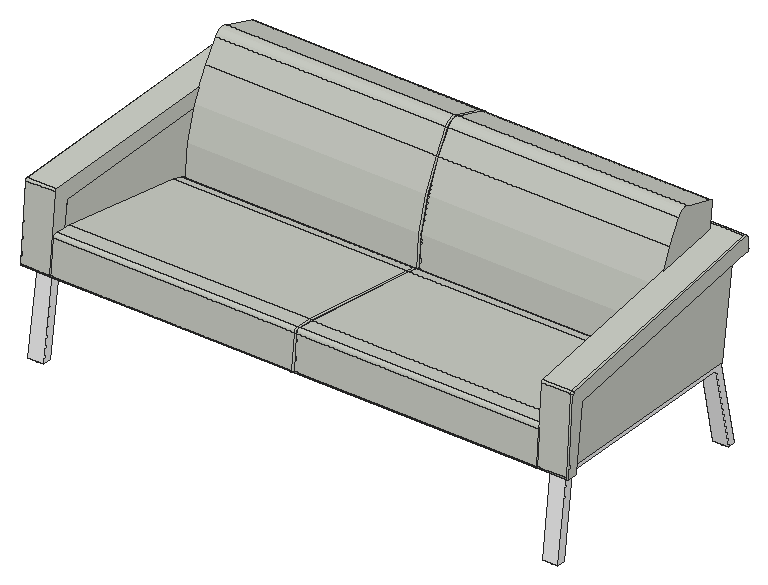
Revit family
Parameters (values of type "Upholstered Back")
  Width = 6' - 0"  # constant formula
  URL = "http://elanbydecca.com/"
  Upholstery [instance] = Furniture - DECCA (Elan) - Arno - Upholstery
  Base [instance] = Furniture - DECCA (Elan) - Arno - Base
  Product URL = "http://elanbydecca.com/PDFs/elan_tearsheet-ava.pdf"
  Model = "JS LL410U"
  Manufacturer = "Decca Contract"
  Height = 2' - 5 1/4"  # constant formula
  Description = "Arno Sofa, 2Seat"
  Depth = 2' - 8 1/4"  # constant formula
  Assembly Description = "Furniture & Accessories"
  Assembly Code = "E2020200"
  Back = Furniture - DECCA (Elan) - Arno - Upholstery
Types (3): name | Product URL | Model | Back
  (no name) | "http://elanbydecca.com/PDFs/elan_tearsheet-ava.pdf" | "JS LL410U" | Furniture - DECCA (Elan) - Arno - Upholstery
  Upholstered Back | "http://elanbydecca.com/PDFs/elan_tearsheet-ava.pdf" | "JS LL410U" | Furniture - DECCA (Elan) - Arno - Upholstery
  Wood Back | "http://elanbydecca.com/PDFs/elan_tearsheet-arno.pdf" | "JS LL410V" | Furniture - DECCA (Elan) - Arno - Wood
Reference planes
  plane 1 "Center Front/Back": y = -19.111
  plane 2: z = 0
  plane 3 "Center Left/Right": x = 0
  plane 4 "L": x = -914.4
  plane 5 "R": x = 914.4
  plane 6 "F": y = -428.686
  plane 7: y = 390.464
  plane 8: through (-158.836, 59.242, 594.094) normal (0.4297, -0.4297, 0.7941)
  plane 9 "ST": z = 742.95
  plane 10: z = 6.35
  plane 11: z = 520.7
  plane 12: z = 425.45
  plane 13: z = 269.261
  plane 14: x = -762
  plane 15: x = 762
  plane 16: x = -946.15
  plane 17: x = 946.15
  plane 18: y = 262.606
  plane 19: y = 320.495
  plane 20: y = 311.17
  plane 21: y = 361.528
  plane 22: z = 574.676
  plane 23: y = 312.697
Forms (mm)
  Extrusion 1, solid, material "Furniture - DECCA (Elan) - Arno - Base" <- "Base"
    sketch origin (0, 0, 0) x (0, 1, 0) y (0, 0, 1)
      loop
        line (306.179, 269.261) -> (-391.527, 269.261) -> (-428.477, 6.35) -> (-403.278, 6.35) -> (-367.731, 259.279) -> (282.859, 259.279) -> (340.433, 6.35) -> (366.025, 6.35) -> (306.179, 269.261)
    from -914.4 to -762
  Extrusion 2, solid, material "Furniture - DECCA (Elan) - Arno - Base" <- "Base"
    sketch origin (0, 0, 0) x (0, 1, 0) y (0, 0, 1)
      loop
        line (306.179, 269.261) -> (-391.527, 269.261) -> (-428.477, 6.35) -> (-403.278, 6.35) -> (-367.731, 259.279) -> (282.859, 259.279) -> (340.433, 6.35) -> (366.025, 6.35) -> (306.179, 269.261)
    from 762 to 914.4
  Extrusion 3, void
    sketch origin (0, 0, 260.35) x (-1, 0, 0) y (0, -1, 0)
      loop
        line (884.672, 428.686) -> (834.286, -390.464) -> (914.4, -390.464) -> (914.4, 428.686) -> (884.672, 428.686)
      loop
        line (833.776, 428.686) -> (762, 428.686) -> (762, -390.464) -> (783.39, -390.464) -> (833.776, 428.686)
      loop
        line (-833.776, 428.686) -> (-783.39, -390.464) -> (-762, -390.464) -> (-762, 428.686) -> (-833.776, 428.686)
      loop
        line (-884.672, 428.686) -> (-914.4, 428.686) -> (-914.4, -390.464) -> (-834.286, -390.464) -> (-884.672, 428.686)
    from -260.35 to 8.911
  Extrusion 4, solid, material "Furniture - DECCA (Elan) - Arno - Upholstery" <- "Upholstery"
    sketch origin (0, 0, 0) x (0, 1, 0) y (0, 0, 1)
      loop
        arc (385.959, 624.671) -> (383.552, 628.984) -> (378.782, 630.267) r 6.35
        line (378.782, 630.267) -> (-400.323, 523.2)
        arc (-400.323, 523.2) -> (-404.058, 521.287) -> (-405.785, 517.462) r 6.35
        line (-405.785, 517.462) -> (-426.895, 276.164)
        arc (-426.895, 276.164) -> (-425.251, 271.321) -> (-420.569, 269.261) r 6.35
        line (-420.569, 269.261) -> (-395.227, 269.261)
        arc (-395.227, 269.261) -> (-391.028, 270.847) -> (-388.927, 274.814) r 6.35
        line (-388.927, 274.814) -> (-363.959, 472.156)
        arc (-363.959, 472.156) -> (-362.173, 475.825) -> (-358.523, 477.65) r 6.35
        line (-358.523, 477.65) -> (384.686, 579.728)
        arc (384.686, 579.728) -> (388.829, 582.114) -> (390.133, 586.713) r 6.35
        line (390.133, 586.713) -> (385.959, 624.671)
    from -946.15 to 946.15
  Blend 5, void
    base sketch origin (0, 0, 260.35) x (-1, 0, 0) y (0, -1, 0)
      loop
        line (812.386, 428.686) -> (-812.386, 428.686) -> (-769.865, -262.606) -> (769.865, -262.606) -> (812.386, 428.686)
    top sketch origin (0, 0, 260.35) x (-1, 0, 0) y (0, -1, 0)
      loop
        line (812.386, 428.686) -> (-812.386, 428.686) -> (-766.304, -320.495) -> (766.304, -320.495) -> (812.386, 428.686)
    from -1.071 to 364.621
  Extrusion 6, solid, material "Furniture - DECCA (Elan) - Arno - Upholstery" <- "Upholstery"
    sketch origin (0, 0, 0) x (0, 1, 0) y (0, 0, 1)
      loop
        arc (364.601, 698.627) -> (362.788, 707.421) -> (355.611, 712.818) r 12.7
        line (355.611, 712.818) -> (257.474, 741.403)
        arc (257.474, 741.403) -> (232.508, 740.133) -> (213.703, 723.664) r 38.1
        line (213.703, 723.664) -> (174.511, 654.778)
        arc (174.511, 654.778) -> (113.176, 504.689) -> (92.267, 343.905) r 628.65
        line (92.267, 343.905) -> (92.267, 269.261) -> (262.646, 269.261) -> (319.737, 617.632)
        arc (319.737, 617.632) -> (321.572, 621.152) -> (325.139, 622.895) r 6.35
        line (325.139, 622.895) -> (348.488, 626.104)
        arc (348.488, 626.104) -> (352.065, 627.857) -> (353.894, 631.396) r 6.35
        line (353.894, 631.396) -> (364.601, 698.627)
    from -946.15 to 946.15
  Extrusion 7, void
    sketch origin (0, 0, 260.35) x (-1, 0, 0) y (0, -1, 0)
      loop
        line (812.386, 428.686) -> (762, -390.464) -> (946.15, -390.464) -> (946.15, 428.686) -> (812.386, 428.686)
      loop
        line (-812.386, 428.686) -> (-946.15, 428.686) -> (-946.15, -390.464) -> (-762, -390.464) -> (-812.386, 428.686)
    from 8.911 to 482.6
  Extrusion 8, solid, material "Furniture - DECCA (Elan) - Arno - Upholstery" <- "Upholstery"
    sketch origin (0, 0, 0) x (0, 1, 0) y (0, 0, 1)
      loop
        line (-417.338, 385.4) -> (-426.895, 276.164)
        arc (-426.895, 276.164) -> (-425.251, 271.321) -> (-420.569, 269.261) r 6.35
        line (-420.569, 269.261) -> (92.267, 269.261) -> (92.267, 347.698)
        arc (92.267, 347.698) -> (89.224, 355.946) -> (81.553, 360.241) r 12.7
        line (81.553, 360.241) -> (49.912, 365.253)
        arc (49.912, 365.253) -> (-151.117, 389.046) -> (-353.392, 396.994) r 2578.1
        line (-353.392, 396.994) -> (-404.686, 396.994)
        arc (-404.686, 396.994) -> (-413.266, 393.657) -> (-417.338, 385.4) r 12.7
    from -914.4 to 914.4
  Blend 9, solid, material "Furniture - DECCA (Elan) - Arno - Upholstery" <- "Back"
    base sketch origin (0, 0, 260.35) x (-1, 0, 0) y (0, -1, 0)
      loop
        line (884.672, 428.686) -> (871.948, 428.686) -> (827.22, -298.47) -> (-827.22, -298.47) -> (-871.948, 428.686) -> (-884.672, 428.686) -> (-839.163, -311.17) -> (839.163, -311.17) -> (884.672, 428.686)
    top sketch origin (0, 0, 260.35) x (-1, 0, 0) y (0, -1, 0)
      loop
        line (836.066, -361.528) -> (884.672, 428.686) -> (871.948, 428.686) -> (824.123, -348.828) -> (-824.123, -348.828) -> (-871.948, 428.686) -> (-884.672, 428.686) -> (-836.066, -361.528) -> (836.066, -361.528)
    from 8.911 to 320.061
  Extrusion 10, void
    sketch origin (0, 0, 0) x (0, 1, 0) y (0, 0, 1)
      loop
        line (390.464, 580.522) -> (390.464, 742.95) -> (-428.686, 742.95) -> (-428.686, 269.261) -> (-389.63, 269.261) -> (-363.959, 472.156)
        arc (-363.959, 472.156) -> (-362.173, 475.825) -> (-358.523, 477.649) r 6.35
        line (-358.523, 477.649) -> (390.464, 580.522)
    from -946.15 to 946.15
  Blend 11, solid, material "Furniture - DECCA (Elan) - Arno - Upholstery" <- "Upholstery"
    base sketch origin (0, 0, 260.35) x (-1, 0, 0) y (0, -1, 0)
      loop
        line (871.948, 428.686) -> (-871.948, 428.686) -> (-827.22, -298.47) -> (827.22, -298.47) -> (871.948, 428.686)
    top sketch origin (0, 0, 260.35) x (-1, 0, 0) y (0, -1, 0)
      loop
        line (871.948, 428.686) -> (-871.948, 428.686) -> (-824.18, -347.9) -> (824.18, -347.9) -> (871.948, 428.686)
    from 8.911 to 314.326
  Extrusion 12, void
    sketch origin (0, 0, 260.35) x (-1, 0, 0) y (0, -1, 0)
      loop
        line (946.15, -390.464) -> (946.15, 428.686) -> (914.413, 428.686) -> (864.027, -390.464) -> (946.15, -390.464)
      loop
        line (-914.413, 428.686) -> (-946.15, 428.686) -> (-946.15, -390.464) -> (-864.027, -390.464) -> (-914.413, 428.686)
    from -284.651 to 482.6
  Sweep 13, void
    path origin (0, 0, 0) x (0, 1, 0) y (0, 0, 1)
      loop
        arc (92.267, 347.698) -> (89.224, 355.946) -> (81.553, 360.241) r 12.7
        line (81.553, 360.241) -> (49.912, 365.253)
        arc (49.912, 365.253) -> (-151.117, 389.046) -> (-353.392, 396.994) r 2578.1
        line (-353.392, 396.994) -> (-404.686, 396.994)
        arc (-404.686, 396.994) -> (-413.266, 393.657) -> (-417.338, 385.4) r 12.7
        line (-417.338, 385.4) -> (-426.895, 276.164)
        arc (-426.895, 276.164) -> (-425.251, 271.321) -> (-420.569, 269.261) r 6.35
    profile origin (0, -151.117, 389.046) x (0, -0.078459, -0.996917) y (1, 0, 0)
      loop
        arc (0, 4.762) -> (-4.762, 0) -> (0, -4.762) r 4.762
        arc (0, -4.762) -> (1.395, -1.395) -> (4.762, 0) r 4.762
        arc (4.762, 0) -> (1.395, 1.395) -> (0, 4.762) r 4.762
  Sweep 14, void
    path origin (0, 0, 0) x (0, 1, 0) y (0, 0, 1)
      loop
        line (403.793, 698.783) -> (257.474, 741.403)
        arc (257.474, 741.403) -> (232.508, 740.133) -> (213.703, 723.664) r 38.1
        line (213.703, 723.664) -> (174.511, 654.778)
        arc (174.511, 654.778) -> (113.176, 504.689) -> (92.267, 343.905) r 628.65
    profile origin (0, 330.633, 720.093) x (0, -0.279653, -0.960101) y (1, 0, 0)
      loop
        arc (0, 4.763) -> (-4.763, 0) -> (0, -4.763) r 4.763
        arc (0, -4.763) -> (1.395, -1.395) -> (4.763, 0) r 4.763
        arc (4.763, 0) -> (1.395, 1.395) -> (0, 4.763) r 4.762
  Sweep 15, void
    path origin (-914.4, -428.477, 260.35) x (0.061394, 0.998114, 0) y (0, 0, -1)
      loop
        line (934.116, -387.108) -> (28.198, -262.848)
        arc (28.198, -262.848) -> (24.462, -260.936) -> (22.735, -257.112) r 6.35
        line (22.735, -257.112) -> (-3.879, 46.524)
    profile origin (-884.86, 51.772, 585.328) x (-0.008343, -0.135636, 0.990724) y (-0.998114, 0.061394, 0)
      loop
        arc (0, -4.762) -> (3.368, 3.368) -> (-4.763, 0) r 4.763
        arc (-4.763, 0) -> (-1.395, -1.395) -> (0, -4.762) r 4.762
  Sweep 16, void
    path origin (914.4, -428.477, 260.35) x (-0.061394, 0.998114, 0) y (0, 0, 1)
      loop
        line (-3.879, -46.524) -> (22.735, 257.112)
        arc (22.735, 257.112) -> (24.462, 260.936) -> (28.198, 262.848) r 6.35
        line (28.198, 262.848) -> (934.116, 387.108)
    profile origin (884.86, 51.772, 585.328) x (0.008343, -0.135636, 0.990724) y (0.998114, 0.061394, 0)
      loop
        arc (0, -4.762) -> (3.368, 3.368) -> (-4.762, 0) r 4.762
        arc (-4.762, 0) -> (-1.395, -1.395) -> (0, -4.762) r 4.763
  Extrusion 17, solid, material "Furniture - DECCA (Elan) - Arno - Base" <- "Base"
    sketch origin (0, 0, 260.35) x (-1, 0, 0) y (0, -1, 0)
      loop
        circle (858.436, 415.877) r 6.35
      loop
        circle (-858.436, 415.877) r 6.35
      loop
        circle (811.128, -353.229) r 6.35
      loop
        circle (-811.128, -353.229) r 6.35
    from -260.35 to -254
Cuts and joins
  Extrusion 3, Blend 5, Extrusion 7, Extrusion 12, Sweep 15 cuts Extrusion 1
  Extrusion 3, Blend 5, Extrusion 7, Extrusion 10, Extrusion 12, Sweep 16 cuts Extrusion 2
  joined: Extrusion 1, Extrusion 2, Extrusion 17
  Blend 5, Extrusion 12, Sweep 13, Sweep 14, Sweep 15, Sweep 16 cuts Extrusion 4
  Extrusion 7, Extrusion 12, Sweep 14 cuts Extrusion 6
  Extrusion 10, Extrusion 12, Sweep 13, Sweep 14, Sweep 15, Sweep 16 cuts Blend 9
  Extrusion 7, Extrusion 12, Sweep 13, Sweep 15, Sweep 16 cuts Extrusion 8
  Blend 5, Extrusion 10, Extrusion 12, Sweep 13, Sweep 15, Sweep 16 cuts Blend 11
  joined: Extrusion 8, Blend 11
Lines and regions (mm)
  reference lines
    curve 1: line (-884.659, -428.477, 260.35) -> (-835.789, 366.025, 260.35)
    curve 2: line (835.789, 366.025, 260.35) -> (884.659, -428.477, 260.35)
    curve 3: line (833.763, -428.477, 260.35) -> (784.893, 366.025, 260.35)
    curve 4: line (-784.893, 366.025, 260.35) -> (-833.763, -428.477, 260.35)
    curve 5: line (-914.4, -428.477, 260.35) -> (-864.027, 390.464, 260.35)
    curve 6: line (-812.373, -428.477, 260.35) -> (-762, 390.464, 260.35)
    curve 7: line (914.4, -428.477, 260.35) -> (864.027, 390.464, 260.35)
    curve 8: line (812.373, -428.477, 260.35) -> (762, 390.464, 260.35)
  model lines
    curve 9: line (0, 311.17, 269.261) -> (0, 360.996, 577.123)
    curve 10: line (0, 390.133, 586.713) -> (0, 385.959, 624.671)
    curve 11: arc (0, 385.959, 624.671) -> (0, 383.552, 628.984) -> (0, 378.782, 630.267) r 6.35
    curve 12: arc (0, 384.686, 579.728) -> (0, 388.829, 582.114) -> (0, 390.133, 586.713) r 6.35
    curve 13: line (0, 384.686, 579.728) -> (0, 360.996, 577.123)
    curve 14: line (0, 378.782, 630.267) -> (0, 348.488, 626.104)
    curve 15: arc (0, 364.601, 698.627) -> (0, 362.788, 707.421) -> (0, 355.611, 712.818) r 12.7
    curve 16: line (0, 353.894, 631.396) -> (0, 364.601, 698.627)
Dimensions and locks
  equal spacing: plane 4 "L", plane 3 "Center Left/Right", plane 5 "R"
  equal spacing: plane 7, plane 1 "Center Front/Back", plane 6 "F"
  "Width": plane 4 "L" to plane 5 "R"
  "Depth": plane 7 to plane 6 "F"
  "Height": plane 9 "ST" to level
  locked: plane 10 to level at 6.35
  plane 11 to level = 1' - 8 1/2"
  plane 12 to level = 1' - 4 3/4"
  locked: plane 13 to level at 269.261
  locked: plane 15 to plane 5 "R" at 152.4
  locked: plane 4 "L" to plane 14 at 152.4
  locked: plane 6 "F" to plane 5 "R" at 0
  locked: plane 6 "F" to plane 4 "L" at 0
  locked: plane 16 to plane 4 "L" at 31.75
  plane 5 "R" to plane 17 = 0' - 1 1/4"
  locked: Extrusion 6 to plane 17 at 0
  locked: Extrusion 8 to plane 5 "R" at 0
  locked: plane 4 "L" to curve 1 at 29.741
  locked: curve 2 to plane 5 "R" at 29.741
  locked: curve 4 to curve 1 at 50.8
  locked: curve 3 to curve 2 at 50.8
  locked: curve 2 to plane 5 "R" at 78.611
  locked: plane 4 "L" to curve 1 at 78.611
  locked: curve 5 to plane 4 "L" at 0
  locked: plane 4 "L" to curve 5 at 50.373
  locked: curve 6 to plane 14 at 0
  locked: plane 4 "L" to curve 6 at 102.027
  locked: curve 7 to plane 17 at 82.123
  locked: curve 7 to plane 5 "R" at 0
  locked: curve 8 to plane 15 at 0
  locked: curve 8 to plane 5 "R" at 102.027
  aligned and locked: Extrusion 1 to plane 4 "L"
  aligned and locked: plane 14 to Extrusion 1
  aligned and locked: Extrusion 2 to plane 5 "R"
  aligned and locked: plane 15 to Extrusion 2
  aligned and locked: Extrusion 3 sketch curve to plane 7
  aligned and locked: Extrusion 3 sketch curve to plane 6 "F"  (x2)
  aligned and locked: Extrusion 3 sketch curve to plane 4 "L"
  aligned and locked: plane 5 "R" to Extrusion 3 sketch curve
  aligned and locked: Extrusion 3 to level
  aligned and locked: plane 13 to Extrusion 3
  aligned: Extrusion 4 to plane 4 "L"
  aligned: Extrusion 4 to plane 5 "R"
  aligned and locked: Extrusion 4 to plane 17
  aligned and locked: Extrusion 4 to plane 16
  aligned and locked: Blend 5 sketch curve to plane 6 "F"  (x2)
  aligned and locked: Blend 5 sketch curve to plane 18
  aligned and locked: Blend 5 sketch curve to plane 19
  aligned and locked: plane 13 to Extrusion 6 sketch curve
  aligned and locked: Extrusion 6 to plane 16
  aligned and locked: Extrusion 7 sketch curve to plane 16
  aligned and locked: Extrusion 7 sketch curve to plane 7  (x2)
  aligned and locked: plane 17 to Extrusion 7 sketch curve
  aligned and locked: plane 9 "ST" to Extrusion 7
  aligned and locked: Extrusion 7 sketch curve to plane 6 "F"  (x2)
  aligned and locked: plane 13 to Extrusion 8 sketch curve
  aligned and locked: plane 13 to Extrusion 4 sketch curve
  aligned and locked: Extrusion 8 to plane 4 "L"
  aligned and locked: Blend 9 sketch curve to plane 20
  aligned and locked: Blend 9 sketch curve to plane 6 "F"  (x2)
  aligned and locked: Blend 9 sketch curve to plane 21
  aligned and locked: plane 7 to Extrusion 10 sketch curve
  aligned and locked: plane 13 to Extrusion 10 sketch curve
  aligned and locked: plane 6 "F" to Extrusion 10 sketch curve
  aligned and locked: plane 9 "ST" to Extrusion 10 sketch curve
  aligned and locked: Blend 11 sketch curve to plane 6 "F"  (x2)
  aligned and locked: Blend 11 sketch curve to cut or joined group of Blend 9, Extrusion 10, Extrusion 12, Sweep 13, Sweep 14, Sweep 15, Sweep 16  (x4)
  aligned and locked: cut or joined group of Blend 9, Extrusion 10, Extrusion 12, Sweep 13, Sweep 14, Sweep 15, Sweep 16 to Blend 11 sketch curve  (x2)
  aligned and locked: curve 1 to cut or joined group 1 (Extrusion 1, Extrusion 2, Extrusion 3, Blend 5, Extrusion 7, Extrusion 10, Extrusion 12, Sweep 15, Sweep 16, Extrusion 17)
  aligned and locked: curve 4 to cut or joined group 1
  aligned and locked: Extrusion 12 sketch curve to plane 16
  aligned and locked: Extrusion 12 sketch curve to plane 7  (x2)
  aligned and locked: Extrusion 12 sketch curve to plane 6 "F"  (x2)
  aligned and locked: Extrusion 12 sketch curve to curve 5
  aligned and locked: Extrusion 12 sketch curve to curve 7
  aligned and locked: plane 17 to Extrusion 12 sketch curve
  aligned and locked: plane 9 "ST" to Extrusion 12
  aligned and locked: Blend 5 sketch curve to curve 6
  aligned and locked: Blend 5 sketch curve to curve 8
  aligned and locked: Blend 5 sketch curve to var sketch  (x2)
  aligned and locked: Extrusion 7 sketch curve to curve 6
  aligned and locked: Extrusion 7 sketch curve to curve 8
  aligned and locked: curve 9 to cut or joined group of Blend 9, Extrusion 10, Extrusion 12, Sweep 13, Sweep 14, Sweep 15, Sweep 16
  aligned and locked: curve 10 to cut or joined group of Extrusion 4, Blend 5, Extrusion 12, Sweep 13, Sweep 14, Sweep 15, Sweep 16
  aligned and locked: curve 11 to cut or joined group of Extrusion 4, Blend 5, Extrusion 12, Sweep 13, Sweep 14, Sweep 15, Sweep 16
  aligned and locked: curve 12 to cut or joined group of Extrusion 4, Blend 5, Extrusion 12, Sweep 13, Sweep 14, Sweep 15, Sweep 16
  aligned and locked: curve 15 to cut or joined group of Extrusion 6, Extrusion 7, Extrusion 12, Sweep 14
  aligned and locked: curve 16 to cut or joined group of Extrusion 6, Extrusion 7, Extrusion 12, Sweep 14
Automatic sketch dimensions
  plane 6 "F" to Extrusion 10 sketch curve = 0' - 1.53764"
  plane 6 "F" to Extrusion 10 sketch curve = 0' - 2.54832"
  Extrusion 10 sketch curve to Extrusion 10 sketch curve = 0' - 0.214"
  Extrusion 10 sketch curve to Extrusion 10 sketch curve = 0' - 0.24802"
  plane 12 to Extrusion 10 sketch curve = 0' - 1.80742"
  Extrusion 10 sketch curve to Extrusion 10 sketch curve = 0' - 0.03138"
  plane 22 to Extrusion 10 sketch curve = 0' - 0.23016"
  curve 7 to plane 7 = 0' - 0"
  curve 8 to plane 7 = 0' - 0"
  curve 6 to plane 7 = 0' - 0"
  curve 5 to plane 7 = 0' - 0"
  plane 6 "F" to curve 3 = 0' - 0.00824"
  plane 6 "F" to curve 8 = 0' - 0.00824"
  curve 3 to curve 8 = 0' - 0.84211"
  plane 21 to curve 3 = 0' - 0.17704"
  curve 3 to curve 8 = 0' - 0.9013"
  plane 21 to curve 4 = 0' - 0.17704"
  curve 6 to curve 4 = 0' - 0.9013"
  plane 6 "F" to curve 4 = 0' - 0.00824"
  curve 6 to curve 4 = 0' - 0.84211"
  plane 6 "F" to curve 6 = 0' - 0.00824"
  plane 6 "F" to curve 5 = 0' - 0.00824"
  plane 6 "F" to curve 7 = 0' - 0.00824"
  Extrusion 1 sketch curve to plane 10 = 0' - 0"
  Extrusion 1 sketch curve to plane 13 = 0' - 0"
  plane 10 to Extrusion 1 sketch curve = 0' - 0"
  plane 6 "F" to Extrusion 1 sketch curve = 0' - 0.00824"
  Extrusion 1 sketch curve to Extrusion 1 sketch curve = 0' - 0.99209"
  plane 6 "F" to Extrusion 1 sketch curve = 0' - 1.46295"
  Extrusion 1 sketch curve to plane 13 = 0' - 0.39297"
  Extrusion 1 sketch curve to Extrusion 1 sketch curve = 0' - 0.93686"
  plane 18 to Extrusion 1 sketch curve = 0' - 0.79735"
  plane 20 to Extrusion 1 sketch curve = 0' - 0.19648"
  plane 19 to Extrusion 1 sketch curve = 0' - 0.78494"
  plane 21 to Extrusion 1 sketch curve = 0' - 0.17704"
  Extrusion 2 sketch curve to plane 10 = 0' - 0"
  Extrusion 2 sketch curve to plane 13 = 0' - 0"
  plane 10 to Extrusion 2 sketch curve = 0' - 0"
  plane 6 "F" to Extrusion 2 sketch curve = 0' - 0.00824"
  Extrusion 2 sketch curve to Extrusion 2 sketch curve = 0' - 0.99209"
  plane 6 "F" to Extrusion 2 sketch curve = 0' - 1.46295"
  Extrusion 2 sketch curve to plane 13 = 0' - 0.39297"
  Extrusion 2 sketch curve to Extrusion 2 sketch curve = 0' - 0.93686"
  plane 18 to Extrusion 2 sketch curve = 0' - 0.79735"
  plane 20 to Extrusion 2 sketch curve = 0' - 0.19648"
  plane 19 to Extrusion 2 sketch curve = 0' - 0.78494"
  plane 21 to Extrusion 2 sketch curve = 0' - 0.17704"
  Extrusion 3 sketch curve to plane 6 "F" = 0' - 0"  (x2)
  Extrusion 3 sketch curve to plane 7 = 0' - 0"  (x3)
  Extrusion 3 sketch curve to plane 15 = 0' - 0"
  Extrusion 3 sketch curve to plane 14 = 0' - 0"
  plane 5 "R" to Extrusion 3 sketch curve = 0' - 1.17039"
  Extrusion 3 sketch curve to Extrusion 3 sketch curve = 0' - 2.84589"
  Extrusion 3 sketch curve to Extrusion 3 sketch curve = 0' - 2.00378"  (x2)
  Extrusion 3 sketch curve to Extrusion 3 sketch curve = 0' - 0.84211"  (x2)
  Extrusion 3 sketch curve to Extrusion 3 sketch curve = 0' - 2.82583"
  plane 4 "L" to Extrusion 3 sketch curve = 0' - 1.17039"
  plane 6 "F" to Extrusion 4 sketch curve = 0' - 0.07052"
  Extrusion 4 sketch curve to Extrusion 4 sketch curve = 0' - 0.24905"
  Extrusion 4 sketch curve to plane 11 = 0' - 0.12748"
  plane 6 "F" to Extrusion 4 sketch curve = 0' - 0.90163"
  plane 11 to Extrusion 4 sketch curve = 0' - 0.09841"
  Extrusion 4 sketch curve to Extrusion 4 sketch curve = 0' - 0.21501"
  Extrusion 4 sketch curve to plane 11 = 0' - 0.14926"
  Extrusion 4 sketch curve to Extrusion 4 sketch curve = 0' - 0.99771"
  Extrusion 4 sketch curve to Extrusion 4 sketch curve = 0' - 0.24802"
  Extrusion 4 sketch curve to Extrusion 4 sketch curve = 0' - 1.39764"
  Extrusion 4 sketch curve to Extrusion 4 sketch curve = 0' - 0.214"
  Extrusion 4 sketch curve to Extrusion 4 sketch curve = 0' - 0.03402"
  Extrusion 4 sketch curve to plane 7 = 0' - 0.45992"
  Extrusion 4 sketch curve to Extrusion 4 sketch curve = 0' - 0.03404"
  Extrusion 4 sketch curve to plane 7 = 0' - 0.26152"
  Extrusion 4 sketch curve to plane 7 = 0' - 0.2275"
  Extrusion 4 sketch curve to plane 7 = 0' - 0.17738"
  Extrusion 4 sketch curve to plane 7 = 0' - 0.01301"
  plane 13 to Extrusion 4 sketch curve = 0' - 0.21862"
  Extrusion 4 sketch curve to Extrusion 4 sketch curve = 0' - 0 1/4"
  plane 12 to Extrusion 4 sketch curve = 0' - 1.80743"
  Extrusion 4 sketch curve to Extrusion 4 sketch curve = 0' - 0.03138"
  plane 22 to Extrusion 4 sketch curve = 0' - 0.19891"
  Extrusion 4 sketch curve to Extrusion 4 sketch curve = 0' - 0.24767"
  Extrusion 4 sketch curve to Extrusion 4 sketch curve = 0' - 1.49438"
  Extrusion 4 sketch curve to Extrusion 4 sketch curve = 0' - 0 7/256"
  Extrusion 6 sketch curve to plane 1 "Center Front/Back" = 0' - 4.38495"
  plane 22 to Extrusion 6 sketch curve = 0' - 3.15363"
  Extrusion 6 sketch curve to plane 1 "Center Front/Back" = 0' - 7.62293"
  Extrusion 6 sketch curve to plane 9 "ST" = 0' - 0.75931"
  Extrusion 6 sketch curve to plane 18 = 0' - 1.92532"
  Extrusion 6 sketch curve to plane 18 = 0' - 0.62156"
  Extrusion 6 sketch curve to plane 9 "ST" = 0' - 0.06092"
  Extrusion 6 sketch curve to plane 18 = 0' - 0.20208"
  plane 18 to Extrusion 6 sketch curve = 0' - 0.00154"
  Extrusion 6 sketch curve to plane 19 = 0' - 0.02984"
  plane 19 to Extrusion 6 sketch curve = 0' - 0.18283"
  plane 19 to Extrusion 6 sketch curve = 0' - 0.21686"
  Extrusion 6 sketch curve to plane 21 = 0' - 0.54742"
  Extrusion 6 sketch curve to Extrusion 6 sketch curve = 0' - 0.03404"
  Extrusion 6 sketch curve to plane 21 = 0' - 0.37278"
  Extrusion 6 sketch curve to Extrusion 6 sketch curve = 0' - 0.24689"
  Extrusion 6 sketch curve to plane 21 = 0' - 0.23295"
  plane 21 to Extrusion 6 sketch curve = 0' - 0.121"
  plane 13 to Extrusion 6 sketch curve = 0' - 2.93874"
  plane 22 to Extrusion 6 sketch curve = 0' - 1.65074"
  Extrusion 6 sketch curve to Extrusion 6 sketch curve = 0' - 0.04043"
  Extrusion 6 sketch curve to Extrusion 6 sketch curve = 0' - 0.12633"
  Extrusion 6 sketch curve to Extrusion 6 sketch curve = 0' - 0.20835"
  Extrusion 6 sketch curve to plane 9 "ST" = 0' - 1.745"
  Extrusion 6 sketch curve to Extrusion 6 sketch curve = 0' - 0.07864"
  plane 6 "F" to Extrusion 8 sketch curve = 0' - 0.07052"
  Extrusion 8 sketch curve to Extrusion 8 sketch curve = 0' - 0.24905"
  plane 6 "F" to Extrusion 8 sketch curve = 0' - 0.44676"
  Extrusion 8 sketch curve to Extrusion 8 sketch curve = 0' - 0.4981"
  plane 6 "F" to Extrusion 8 sketch curve = 0' - 2.96432"
  Extrusion 8 sketch curve to plane 1 "Center Front/Back" = 0' - 2.71742"
  Extrusion 8 sketch curve to Extrusion 8 sketch curve = 0' - 1.16753"
  Extrusion 8 sketch curve to plane 12 = 0' - 2.56727"
  Extrusion 8 sketch curve to Extrusion 8 sketch curve = 0' - 0.07822"
  Extrusion 8 sketch curve to Extrusion 8 sketch curve = 0' - 0 1/2"  (x2)
  Extrusion 8 sketch curve to level = 7' - 1.87033"
  Extrusion 8 sketch curve to Extrusion 8 sketch curve = 0' - 0 1/4"
  Extrusion 8 sketch curve to Extrusion 8 sketch curve = 0' - 0.19731"
  Blend 9 sketch curve to plane 6 "F" = 0' - 0"  (x2)
  plane 5 "R" to Blend 9 sketch curve = 0' - 1.17039"  (x2)
  Blend 9 sketch curve to Blend 9 sketch curve = 0' - 0.50094"  (x4)
  plane 5 "R" to Blend 9 sketch curve = 0' - 2.96208"
  plane 20 to Blend 9 sketch curve = 0' - 0 1/2"
  Blend 9 sketch curve to Blend 9 sketch curve = 0' - 0.47019"  (x4)
  Blend 9 sketch curve to plane 14 = 0' - 2.56773"
  plane 4 "L" to Blend 9 sketch curve = 0' - 1.67134"  (x2)
  Blend 9 sketch curve to plane 15 = 0' - 2.91597"
  Blend 9 sketch curve to plane 21 = 0' - 0 1/2"
  Blend 9 sketch curve to plane 14 = 0' - 2.44578"
  plane 6 "F" to Sweep 13 sketch curve = 0' - 0.94486"
  Sweep 13 sketch curve to Sweep 13 sketch curve = 0' - 2.01946"
  Sweep 13 sketch curve to plane 1 "Center Front/Back" = 0' - 2.71742"
  Sweep 13 sketch curve to level = 7' - 1.87033"
  Sweep 13 sketch curve to plane 12 = 0' - 2.36996"
  plane 6 "F" to Sweep 13 sketch curve = 0' - 0.44676"
  Sweep 13 sketch curve to Sweep 13 sketch curve = 0' - 0 1/2"  (x2)
  plane 6 "F" to Sweep 13 sketch curve = 0' - 0.07052"
  plane 13 to Sweep 13 sketch curve = 0' - 0.27179"
  Sweep 13 sketch curve to Sweep 13 sketch curve = 0' - 1.24574"
  Sweep 13 sketch curve to Sweep 13 sketch curve = 0' - 0.19731"
  Sweep 13 sketch curve to Sweep 13 sketch curve = 0' - 0.07822"
  Sweep 13 sketch curve to plane 13 = 0' - 0"
  Sweep 13 sketch curve to Sweep 13 sketch curve = 0' - 0.24905"
  Sweep 13 sketch curve to profile plane = 0' - 0"  (x2)
  Sweep 13 sketch curve to plane 3 "Center Left/Right" = 0' - 0"  (x2)
  plane 3 "Center Left/Right" to Sweep 13 sketch curve = 0' - 0 3/16"
  Sweep 14 sketch curve to plane 1 "Center Front/Back" = 0' - 4.38495"
  Sweep 14 sketch curve to plane 18 = 0' - 3.4683"
  Sweep 14 sketch curve to plane 9 "ST" = 0' - 0.75931"
  Sweep 14 sketch curve to plane 18 = 0' - 1.92532"
  plane 13 to Sweep 14 sketch curve = 0' - 2.93874"
  plane 7 to Sweep 14 sketch curve = 1' - 1.00995"
  Sweep 14 sketch curve to plane 18 = 0' - 0.62156"
  Sweep 14 sketch curve to plane 9 "ST" = 0' - 0.06092"
  Sweep 14 sketch curve to plane 18 = 0' - 0.20208"
  plane 21 to Sweep 14 sketch curve = 0' - 1.66398"
  Sweep 14 sketch curve to plane 9 "ST" = 0' - 1.73884"
  Sweep 14 sketch curve to profile plane = 0' - 0"  (x2)
  Sweep 14 sketch curve to plane 3 "Center Left/Right" = 0' - 0"  (x2)
  plane 3 "Center Left/Right" to Sweep 14 sketch curve = 0' - 0 3/16"
  curve 9 to plane 20 = 0' - 0"
  curve 14 to plane 21 = 0' - 0.51338"
  curve 13 to plane 21 = 0' - 0.02095"
  curve 11 to plane 7 = 0' - 0.45992"
  curve 11 to curve 11 = 0' - 0.03404"
  curve 12 to plane 7 = 0' - 0.26152"
  curve 12 to plane 7 = 0' - 0.2275"
  curve 11 to plane 7 = 0' - 0.17738"
  curve 10 to plane 7 = 0' - 0.01301"
  curve 9 to plane 13 = 0' - 0"
  plane 22 to curve 13 = 0' - 0.09633"
  plane 22 to curve 12 = 0' - 0.19891"
  curve 12 to curve 12 = 0' - 0.24767"
  curve 12 to curve 11 = 0' - 1.49438"
  curve 11 to curve 10 = 0' - 0 7/256"
  curve 14 to curve 11 = 0' - 0.1639"
  curve 15 to plane 21 = 0' - 0.37278"
  curve 14 to curve 16 = 0' - 0.21285"
  curve 15 to plane 21 = 0' - 0.23295"
  plane 21 to curve 15 = 0' - 0.121"
  curve 14 to curve 16 = 0' - 0.20835"
  curve 16 to plane 9 "ST" = 0' - 1.745"
  curve 15 to curve 15 = 0' - 0.07864"
  Sweep 15 sketch curve to Extrusion 12 = 0' - 0.14447"
  Extrusion 12 to Sweep 15 sketch curve = 0' - 0.90333"
  Sweep 15 sketch curve to Sweep 15 sketch curve = 0' - 0.21507"
  Sweep 15 sketch curve to Sweep 15 sketch curve = 0' - 0.24905"
  Extrusion 12 to Sweep 15 sketch curve = 0' - 4.4735"
  Extrusion 12 to Sweep 15 sketch curve = 0' - 3.75952"
  Extrusion 12 to Sweep 15 sketch curve = 0' - 8.65164"
  Sweep 15 sketch curve to Sweep 15 sketch curve = 0' - 0.22585"
  Sweep 15 sketch curve to Sweep 15 sketch curve = 0' - 11.95417"
  profile plane to Sweep 15 sketch curve = 0' - 0"  (x2)
  profile plane to Sweep 15 sketch curve = 0' - 0 3/16"
  Extrusion 12 to Sweep 16 sketch curve = 0' - 0.14447"
  Sweep 16 sketch curve to Extrusion 12 = 0' - 0.90333"
  Sweep 16 sketch curve to Sweep 16 sketch curve = 0' - 0.21507"
  Sweep 16 sketch curve to Sweep 16 sketch curve = 0' - 0.03397"
  Extrusion 12 to Sweep 16 sketch curve = 0' - 4.4735"
  Extrusion 12 to Sweep 16 sketch curve = 0' - 9.37508"
  Extrusion 12 to Sweep 16 sketch curve = 0' - 8.89932"
  Sweep 16 sketch curve to Sweep 16 sketch curve = 0' - 0.02183"
  Extrusion 12 to Sweep 16 sketch curve = 0' - 3.75952"
  Sweep 16 sketch curve to profile plane = 0' - 0"  (x2)
  plane 6 "F" to Extrusion 17 sketch curve = 0' - 0.50428"  (x2)
  plane 5 "R" to Extrusion 17 sketch curve = 0' - 2.2033"
  Extrusion 17 sketch curve to plane 21 = 0' - 0.32674"  (x2)
  Extrusion 17 sketch curve to plane 15 = 0' - 1.93417"
  Extrusion 17 sketch curve to plane 14 = 0' - 1.93417"
  plane 4 "L" to Extrusion 17 sketch curve = 0' - 2.2033"
  radius of Sweep 16 sketch curve = 0' - 0 3/16"
  radius of Extrusion 17 sketch curve = 0' - 0 1/4"  (x4)
